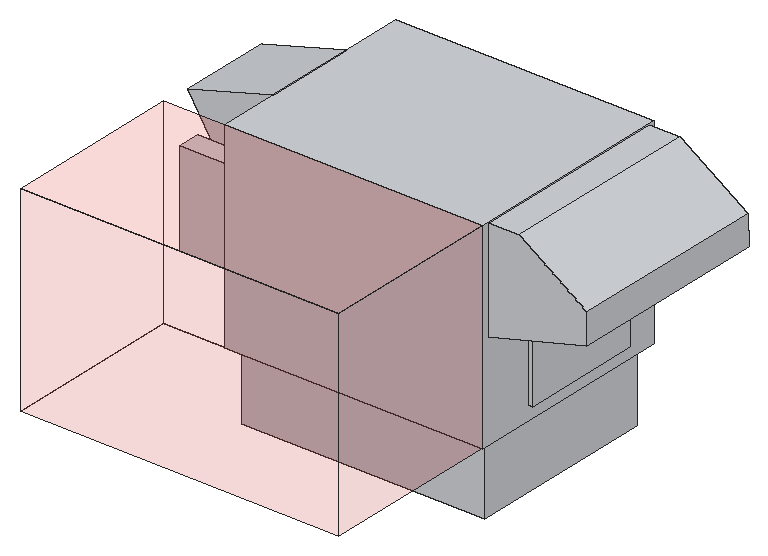
Revit family
Parameters (values of type "208 V Three Phase")
  Weight Scheduled [instance] = 488  # constant formula
  Voltage Workaround = Voltage / 1 V  # 208
  Voltage Scheduled = Voltage  # 208 V
  Voltage = 208 V
  VoltAmps Workaround [instance] = Voltage Workaround * Total FLA * sqrt(Phase)  # 0
  VoltAmps [instance] = VoltAmps Workaround * 1 VA  # 0 VA
  VFD [instance] = no
  URL = "http://www.renewaire.com/_assets/files/SubmittalForms/HE2XRTSubmittal.pdf"
  Total FLA [instance] = if(or(Supply Motor FLA = 0, Exhaust Motor FLA = 0), 0, (Supply Motor FLA * Supply Motor Count) + (Exhaust Motor FLA * Exhaust Motor Count))  # 0
  Supply Motor RPM Scheduled [instance] = Supply Motor RPM  # 0
  Supply Motor RPM [instance] = if(and(or(Supply ESP = 0, Supply ESP > 0), Supply ESP < 0.25), if(Supply Motor HP = 1.5, if(Supply CFM > 1970 CFM, 0, if(Supply CFM > 1765 CFM, 1504, if(Supply CFM > 1560 CFM, 1348, 1192))), if(Supply Motor HP = 2, if(Supply CFM > 2194 CFM, 0, if(Supply CFM > 2087 CFM, 1594, 1516)), 0)), if(and(or(Supply ESP = 0.25, Supply ESP > 0.25), Supply ESP < 0.5), if(Supply Motor HP = 1.5, if(Supply CFM > 1900 CFM, 0, if(Supply CFM > 1685 CFM, 1504, if(Supply CFM > 1460 CFM, 1348, 1192))), if(Supply Motor HP = 2, if(Supply CFM > 2110 CFM, 0, if(Supply CFM > 2000 CFM, 1594, 1516)), 0)), if(and(or(Supply ESP = 0.5, Supply ESP > 0.5), Supply ESP < 0.75), if(Supply Motor HP = 1.5, if(Supply CFM > 1800 CFM, 0, if(Supply CFM > 1560 CFM, 1504, if(Supply CFM > 1300 CFM, 1348, 1192))), if(Supply Motor HP = 2, if(Supply CFM > 2145 CFM, 0, if(Supply CFM > 2035 CFM, 1671, if(Supply CFM > 1915 CFM, 1594, 1516))), 0)), if(and(or(Supply ESP = 0.75, Supply ESP > 0.75), Supply ESP < 1), if(Supply Motor HP = 1.5, if(Supply CFM > 1670 CFM, 0, if(Supply CFM > 1380 CFM, 1504, if(Supply CFM > 1100 CFM, 1348, 1192))), if(Supply Motor HP = 2, if(Supply CFM > 2050 CFM, 0, if(Supply CFM > 1920 CFM, 1671, if(Supply CFM > 1775 CFM, 1594, 1516))), 0)), if(and(or(Supply ESP = 1, Supply ESP > 1), Supply ESP < 1.25), if(Supply Motor HP = 1.5, if(Supply CFM > 1500 CFM, 0, if(Supply CFM > 1210 CFM, 1504, if(Supply CFM > 845 CFM, 1348, 1192))), if(Supply Motor HP = 2, if(Supply CFM > 1905 CFM, 0, if(Supply CFM > 1765 CFM, 1671, if(Supply CFM > 1635 CFM, 1594, 1516))), 0)), if(and(or(Supply ESP = 1.25, Supply ESP > 1.25), Supply ESP < 1.5), if(Supply Motor HP = 1.5, if(Supply CFM > 1345 CFM, 0, if(Supply CFM > 945 CFM, 1504, 1348)), if(Supply Motor HP = 2, if(Supply CFM > 1775 CFM, 0, if(Supply CFM > 1630 CFM, 1671, if(Supply CFM > 1475 CFM, 1594, 1516))), 0)), if(Supply ESP = 1.5, if(Supply Motor HP = 1.5, if(Supply CFM > 1135 CFM, 0, if(Supply CFM > 650 CFM, 1504, 1348)), if(Supply Motor HP = 2, if(Supply CFM > 1640 CFM, 0, if(Supply CFM > 1470 CFM, 1671, if(Supply CFM > 1260 CFM, 1594, 1516))), 0)), 0)))))))  # 0
  Supply Motor HP Scheduled [instance] = Supply Motor HP  # 0
  Supply Motor HP [instance] = 0
  Supply Motor FLA [instance] = if(VFD, if(Supply Motor BHP = 0, 0, if(Supply Motor HP = 1.5, if(and(or(Voltage = 208 V, Voltage = 230 V), Phase = 1), 4.8, if(and(or(Voltage = 208 V, Voltage = 230 V), Phase = 3), 4.8, if(and(Voltage = 460 V, Phase = 3), 2.4, if(and(Voltage = 575 V, Phase = 3), 1.8, 0)))), if(Supply Motor HP = 2, if(and(or(Voltage = 208 V, Voltage = 230 V), Phase = 1), 6.1, if(and(or(Voltage = 208 V, Voltage = 230 V), Phase = 3), 6.1, if(and(Voltage = 460 V, Phase = 3), 2.9, if(and(Voltage = 575 V, Phase = 3), 2.4, 0)))), 0))), if(Supply Motor BHP = 0, 0, if(Supply Motor HP = 1.5, if(and(Voltage = 115 V, Phase = 1), 15.2, if(and(or(Voltage = 208 V, Voltage = 230 V), Phase = 1), 8.2, if(and(or(Voltage = 208 V, Voltage = 230 V), Phase = 3), 4.6, if(and(Voltage = 460 V, Phase = 3), 2.4, if(and(Voltage = 575 V, Phase = 3), 1.8, 0))))), if(Supply Motor HP = 2, if(and(Voltage = 115 V, Phase = 1), 20, if(and(or(Voltage = 208 V, Voltage = 230 V), Phase = 1), 10.8, if(and(or(Voltage = 208 V, Voltage = 230 V), Phase = 3), 6.1, if(and(Voltage = 460 V, Phase = 3), 2.9, if(and(Voltage = 575 V, Phase = 3), 2.4, 0))))), 0))))  # 0
  Supply Motor Count Scheduled [instance] = Supply Motor Count  # 0
  Supply Motor Count [instance] = if(Supply Motor HP = 0.75, 2, if(Supply Motor HP = 1.5, 1, if(Supply Motor HP = 2, 1, 0)))  # 0
  Supply Motor BHP [instance] = if(and(or(Supply ESP = 0, Supply ESP > 0), Supply ESP < 0.25), if(Supply Motor HP = 1.5, if(Supply CFM > 1970 CFM, 0, if(Supply CFM > 1765 CFM, 1.5, if(Supply CFM > 1560 CFM, 1.1, 0.7))), if(Supply Motor HP = 2, if(Supply CFM > 2194 CFM, 0, if(Supply CFM > 2087 CFM, 1.8, 1.6)), 0)), if(and(or(Supply ESP = 0.25, Supply ESP > 0.25), Supply ESP < 0.5), if(Supply Motor HP = 1.5, if(Supply CFM > 1900 CFM, 0, if(Supply CFM > 1685 CFM, 1.4, if(Supply CFM > 1460 CFM, 1, 0.7))), if(Supply Motor HP = 2, if(Supply CFM > 2110 CFM, 0, if(Supply CFM > 2000 CFM, 1.7, 1.5)), 0)), if(and(or(Supply ESP = 0.5, Supply ESP > 0.5), Supply ESP < 0.75), if(Supply Motor HP = 1.5, if(Supply CFM > 1800 CFM, 0, if(Supply CFM > 1560 CFM, 1.3, if(Supply CFM > 1300 CFM, 0.9, 0.6))), if(Supply Motor HP = 2, if(Supply CFM > 2145 CFM, 0, if(Supply CFM > 2035 CFM, 1.9, if(Supply CFM > 1915 CFM, 1.6, 1.4))), 0)), if(and(or(Supply ESP = 0.75, Supply ESP > 0.75), Supply ESP < 1), if(Supply Motor HP = 1.5, if(Supply CFM > 1670 CFM, 0, if(Supply CFM > 1380 CFM, 1.2, if(Supply CFM > 1100 CFM, 0.8, 0.5))), if(Supply Motor HP = 2, if(Supply CFM > 2050 CFM, 0, if(Supply CFM > 1920 CFM, 1.7, if(Supply CFM > 1775 CFM, 1.5, 1.2))), 0)), if(and(or(Supply ESP = 1, Supply ESP > 1), Supply ESP < 1.25), if(Supply Motor HP = 1.5, if(Supply CFM > 1500 CFM, 0, if(Supply CFM > 1210 CFM, 1.1, if(Supply CFM > 845 CFM, 0.7, 0.4))), if(Supply Motor HP = 2, if(Supply CFM > 1905 CFM, 0, if(Supply CFM > 1765 CFM, 1.5, if(Supply CFM > 1635 CFM, 1.3, 1.1))), 0)), if(and(or(Supply ESP = 1.25, Supply ESP > 1.25), Supply ESP < 1.5), if(Supply Motor HP = 1.5, if(Supply CFM > 1345 CFM, 0, if(Supply CFM > 945 CFM, 1, 0.6)), if(Supply Motor HP = 2, if(Supply CFM > 1775 CFM, 0, if(Supply CFM > 1630 CFM, 1.4, if(Supply CFM > 1475 CFM, 1.2, 1))), 0)), if(Supply ESP = 1.5, if(Supply Motor HP = 1.5, if(Supply CFM > 1135 CFM, 0, if(Supply CFM > 650 CFM, 0.8, 0.4)), if(Supply Motor HP = 2, if(Supply CFM > 1640 CFM, 0, if(Supply CFM > 1470 CFM, 1.3, if(Supply CFM > 1260 CFM, 1.1, 0.8))), 0)), 0)))))))  # 0
  Supply ESP Scheduled [instance] = Supply ESP  # 0
  Supply ESP [instance] = 0
  Supply CFM Scheduled [instance] = Supply CFM  # 0 CFM
  Supply CFM [instance] = 0 CFM
  Supply Air Winter RH Scheduled [instance] = 0
  Supply Air Winter DB Scheduled [instance] = 0
  Supply Air Summer RH Scheduled [instance] = 0
  Supply Air Summer DB Scheduled [instance] = 0
  Phase Scheduled = Phase  # 3
  Phase = 3
  Outside Air Winter RH Scheduled [instance] = 0
  Outside Air Winter DB Scheduled [instance] = 0
  Outside Air Summer RH Scheduled [instance] = 0
  Outside Air Summer DB Scheduled [instance] = 0
  Number of Poles = 3
  Model = "HE2XRTF"
  Manufacturer = "RenewAire"
  MOCP Scheduled [instance] = MOCP  # 0
  MOCP [instance] = if(VFD, if(Total FLA = 0, 0, if(and(or(Voltage = 208 V, Voltage = 230 V), Phase = 1), if(and(Supply Motor HP = 1.5, Exhaust Motor HP = 1.5), 25, if(and(Supply Motor HP = 2, Exhaust Motor HP = 1.5), 20, if(and(Supply Motor HP = 1.5, Exhaust Motor HP = 2), 20, if(and(Supply Motor HP = 2, Exhaust Motor HP = 2), 30, 0)))), if(and(or(Voltage = 208 V, Voltage = 230 V), Phase = 3), if(and(Supply Motor HP = 1.5, Exhaust Motor HP = 1.5), 15, if(and(Supply Motor HP = 2, Exhaust Motor HP = 1.5), 15, if(and(Supply Motor HP = 1.5, Exhaust Motor HP = 2), 15, if(and(Supply Motor HP = 2, Exhaust Motor HP = 2), 15, 0)))), if(and(Voltage = 460 V, Phase = 3), if(and(Supply Motor HP = 1.5, Exhaust Motor HP = 1.5), 15, if(and(Supply Motor HP = 2, Exhaust Motor HP = 1.5), 15, if(and(Supply Motor HP = 1.5, Exhaust Motor HP = 2), 15, if(and(Supply Motor HP = 2, Exhaust Motor HP = 2), 15, 0)))), if(and(Voltage = 575 V, Phase = 3), if(and(Supply Motor HP = 1.5, Exhaust Motor HP = 1.5), 15, if(and(Supply Motor HP = 2, Exhaust Motor HP = 1.5), 15, if(and(Supply Motor HP = 1.5, Exhaust Motor HP = 2), 15, if(and(Supply Motor HP = 2, Exhaust Motor HP = 2), 15, 0)))), 0))))), if(Total FLA = 0, 0, if(and(Voltage = 115 V, Phase = 1), if(and(Supply Motor HP = 1.5, Exhaust Motor HP = 1.5), 45, if(and(Supply Motor HP = 2, Exhaust Motor HP = 1.5), 60, if(and(Supply Motor HP = 1.5, Exhaust Motor HP = 2), 60, if(and(Supply Motor HP = 2, Exhaust Motor HP = 2), 60, 0)))), if(and(or(Voltage = 208 V, Voltage = 230 V), Phase = 1), if(and(Supply Motor HP = 1.5, Exhaust Motor HP = 1.5), 25, if(and(Supply Motor HP = 2, Exhaust Motor HP = 1.5), 30, if(and(Supply Motor HP = 1.5, Exhaust Motor HP = 2), 30, if(and(Supply Motor HP = 2, Exhaust Motor HP = 2), 35, 0)))), if(and(or(Voltage = 208 V, Voltage = 230 V), Phase = 3), if(and(Supply Motor HP = 1.5, Exhaust Motor HP = 1.5), 15, if(and(Supply Motor HP = 2, Exhaust Motor HP = 1.5), 15, if(and(Supply Motor HP = 1.5, Exhaust Motor HP = 2), 15, if(and(Supply Motor HP = 2, Exhaust Motor HP = 2), 15, 0)))), if(and(Voltage = 460 V, Phase = 3), if(and(Supply Motor HP = 1.5, Exhaust Motor HP = 1.5), 15, if(and(Supply Motor HP = 2, Exhaust Motor HP = 1.5), 15, if(and(Supply Motor HP = 1.5, Exhaust Motor HP = 2), 15, if(and(Supply Motor HP = 2, Exhaust Motor HP = 2), 15, 0)))), if(and(Voltage = 575 V, Phase = 3), if(and(Supply Motor HP = 1.5, Exhaust Motor HP = 1.5), 15, if(and(Supply Motor HP = 2, Exhaust Motor HP = 1.5), 15, if(and(Supply Motor HP = 1.5, Exhaust Motor HP = 2), 15, if(and(Supply Motor HP = 2, Exhaust Motor HP = 2), 15, 0)))), 0)))))))  # 0
  MCA Scheduled [instance] = MCA  # 0
  MCA [instance] = if(VFD, if(Total FLA = 0, 0, if(and(or(Voltage = 208 V, Voltage = 230 V), Phase = 1), if(and(Supply Motor HP = 1.5, Exhaust Motor HP = 1.5), 20.6, if(and(Supply Motor HP = 2, Exhaust Motor HP = 1.5), 23.6, if(and(Supply Motor HP = 1.5, Exhaust Motor HP = 2), 23.6, if(and(Supply Motor HP = 2, Exhaust Motor HP = 2), 26, 0)))), if(and(or(Voltage = 208 V, Voltage = 230 V), Phase = 3), if(and(Supply Motor HP = 1.5, Exhaust Motor HP = 1.5), 11.9, if(and(Supply Motor HP = 2, Exhaust Motor HP = 1.5), 13.6, if(and(Supply Motor HP = 1.5, Exhaust Motor HP = 2), 13.6, if(and(Supply Motor HP = 2, Exhaust Motor HP = 2), 15, 0)))), if(and(Voltage = 460 V, Phase = 3), if(and(Supply Motor HP = 1.5, Exhaust Motor HP = 1.5), 5.9, if(and(Supply Motor HP = 2, Exhaust Motor HP = 1.5), 6.6, if(and(Supply Motor HP = 1.5, Exhaust Motor HP = 2), 6.6, if(and(Supply Motor HP = 2, Exhaust Motor HP = 2), 7.2, 0)))), if(and(Voltage = 575 V, Phase = 3), if(and(Supply Motor HP = 1.5, Exhaust Motor HP = 1.5), 4.5, if(and(Supply Motor HP = 2, Exhaust Motor HP = 1.5), 5.3, if(and(Supply Motor HP = 1.5, Exhaust Motor HP = 2), 5.3, if(and(Supply Motor HP = 2, Exhaust Motor HP = 2), 5.9, 0)))), 0))))), if(Total FLA = 0, 0, if(and(Voltage = 115 V, Phase = 1), if(and(Supply Motor HP = 1.5, Exhaust Motor HP = 1.5), 34.2, if(and(Supply Motor HP = 2, Exhaust Motor HP = 1.5), 40.2, if(and(Supply Motor HP = 1.5, Exhaust Motor HP = 2), 40.2, if(and(Supply Motor HP = 2, Exhaust Motor HP = 2), 45, 0)))), if(and(or(Voltage = 208 V, Voltage = 230 V), Phase = 1), if(and(Supply Motor HP = 1.5, Exhaust Motor HP = 1.5), 18.5, if(and(Supply Motor HP = 2, Exhaust Motor HP = 1.5), 21.7, if(and(Supply Motor HP = 1.5, Exhaust Motor HP = 2), 21.7, if(and(Supply Motor HP = 2, Exhaust Motor HP = 2), 24.3, 0)))), if(and(or(Voltage = 208 V, Voltage = 230 V), Phase = 3), if(and(Supply Motor HP = 1.5, Exhaust Motor HP = 1.5), 11.9, if(and(Supply Motor HP = 2, Exhaust Motor HP = 1.5), 13.6, if(and(Supply Motor HP = 1.5, Exhaust Motor HP = 2), 13.6, if(and(Supply Motor HP = 2, Exhaust Motor HP = 2), 13.6, 0)))), if(and(Voltage = 460 V, Phase = 3), if(and(Supply Motor HP = 1.5, Exhaust Motor HP = 1.5), 5.4, if(and(Supply Motor HP = 2, Exhaust Motor HP = 1.5), 6, if(and(Supply Motor HP = 1.5, Exhaust Motor HP = 2), 6, if(and(Supply Motor HP = 2, Exhaust Motor HP = 2), 6.5, 0)))), if(and(Voltage = 575 V, Phase = 3), if(and(Supply Motor HP = 1.5, Exhaust Motor HP = 1.5), 4.1, if(and(Supply Motor HP = 2, Exhaust Motor HP = 1.5), 4.8, if(and(Supply Motor HP = 1.5, Exhaust Motor HP = 2), 4.8, if(and(Supply Motor HP = 2, Exhaust Motor HP = 2), 5.4, 0)))), 0)))))))  # 0
  FLA Scheduled [instance] = Total FLA  # 0
  Exhaust RH Scheduled [instance] = 0
  Exhaust Motor RPM Scheduled [instance] = Exhaust Motor RPM  # 0
  Exhaust Motor RPM [instance] = if(and(or(Exhaust ESP = 0, Exhaust ESP > 0), Exhaust ESP < 0.25), if(Exhaust Motor HP = 1.5, if(Exhaust CFM > 1970 CFM, 0, if(Exhaust CFM > 1765 CFM, 1504, if(Exhaust CFM > 1560 CFM, 1348, 1192))), if(Exhaust Motor HP = 2, if(Exhaust CFM > 2194 CFM, 0, if(Exhaust CFM > 2087 CFM, 1594, 1516)), 0)), if(and(or(Exhaust ESP = 0.25, Exhaust ESP > 0.25), Exhaust ESP < 0.5), if(Exhaust Motor HP = 1.5, if(Exhaust CFM > 1900 CFM, 0, if(Exhaust CFM > 1685 CFM, 1504, if(Exhaust CFM > 1460 CFM, 1348, 1192))), if(Exhaust Motor HP = 2, if(Exhaust CFM > 2110 CFM, 0, if(Exhaust CFM > 2000 CFM, 1594, 1516)), 0)), if(and(or(Exhaust ESP = 0.5, Exhaust ESP > 0.5), Exhaust ESP < 0.75), if(Exhaust Motor HP = 1.5, if(Exhaust CFM > 1800 CFM, 0, if(Exhaust CFM > 1560 CFM, 1504, if(Exhaust CFM > 1300 CFM, 1348, 1192))), if(Exhaust Motor HP = 2, if(Exhaust CFM > 2145 CFM, 0, if(Exhaust CFM > 2035 CFM, 1671, if(Exhaust CFM > 1915 CFM, 1594, 1516))), 0)), if(and(or(Exhaust ESP = 0.75, Exhaust ESP > 0.75), Exhaust ESP < 1), if(Exhaust Motor HP = 1.5, if(Exhaust CFM > 1670 CFM, 0, if(Exhaust CFM > 1380 CFM, 1504, if(Exhaust CFM > 1100 CFM, 1348, 1192))), if(Exhaust Motor HP = 2, if(Exhaust CFM > 2050 CFM, 0, if(Exhaust CFM > 1920 CFM, 1671, if(Exhaust CFM > 1775 CFM, 1594, 1516))), 0)), if(and(or(Exhaust ESP = 1, Exhaust ESP > 1), Exhaust ESP < 1.25), if(Exhaust Motor HP = 1.5, if(Exhaust CFM > 1500 CFM, 0, if(Exhaust CFM > 1210 CFM, 1504, if(Exhaust CFM > 845 CFM, 1348, 1192))), if(Exhaust Motor HP = 2, if(Exhaust CFM > 1905 CFM, 0, if(Exhaust CFM > 1765 CFM, 1671, if(Exhaust CFM > 1635 CFM, 1594, 1516))), 0)), if(and(or(Exhaust ESP = 1.25, Exhaust ESP > 1.25), Exhaust ESP < 1.5), if(Exhaust Motor HP = 1.5, if(Exhaust CFM > 1345 CFM, 0, if(Exhaust CFM > 945 CFM, 1504, 1348)), if(Exhaust Motor HP = 2, if(Exhaust CFM > 1775 CFM, 0, if(Exhaust CFM > 1630 CFM, 1671, if(Exhaust CFM > 1475 CFM, 1594, 1516))), 0)), if(Exhaust ESP = 1.5, if(Exhaust Motor HP = 1.5, if(Exhaust CFM > 1135 CFM, 0, if(Exhaust CFM > 650 CFM, 1504, 1348)), if(Exhaust Motor HP = 2, if(Exhaust CFM > 1640 CFM, 0, if(Exhaust CFM > 1470 CFM, 1671, if(Exhaust CFM > 1260 CFM, 1594, 1516))), 0)), 0)))))))  # 0
  Exhaust Motor HP Scheduled [instance] = Exhaust Motor HP  # 0
  Exhaust Motor HP [instance] = 0
  Exhaust Motor FLA [instance] = if(VFD, if(Exhaust Motor BHP = 0, 0, if(Exhaust Motor HP = 1.5, if(and(or(Voltage = 208 V, Voltage = 230 V), Phase = 1), 4.8, if(and(or(Voltage = 208 V, Voltage = 230 V), Phase = 3), 4.8, if(and(Voltage = 460 V, Phase = 3), 2.4, if(and(Voltage = 575 V, Phase = 3), 1.8, 0)))), if(Exhaust Motor HP = 2, if(and(or(Voltage = 208 V, Voltage = 230 V), Phase = 1), 6.1, if(and(or(Voltage = 208 V, Voltage = 230 V), Phase = 3), 6.1, if(and(Voltage = 460 V, Phase = 3), 2.9, if(and(Voltage = 575 V, Phase = 3), 2.4, 0)))), 0))), if(Exhaust Motor BHP = 0, 0, if(Exhaust Motor HP = 1.5, if(and(Voltage = 115 V, Phase = 1), 15.2, if(and(or(Voltage = 208 V, Voltage = 230 V), Phase = 1), 8.2, if(and(or(Voltage = 208 V, Voltage = 230 V), Phase = 3), 4.6, if(and(Voltage = 460 V, Phase = 3), 2.4, if(and(Voltage = 575 V, Phase = 3), 1.8, 0))))), if(Exhaust Motor HP = 2, if(and(Voltage = 115 V, Phase = 1), 20, if(and(or(Voltage = 208 V, Voltage = 230 V), Phase = 1), 10.8, if(and(or(Voltage = 208 V, Voltage = 230 V), Phase = 3), 6.1, if(and(Voltage = 460 V, Phase = 3), 2.9, if(and(Voltage = 575 V, Phase = 3), 2.4, 0))))), 0))))  # 0
  Exhaust Motor Count Scheduled [instance] = Exhaust Motor Count  # 0
  Exhaust Motor Count [instance] = if(Exhaust Motor HP = 0.75, 2, if(Exhaust Motor HP = 1.5, 1, if(Exhaust Motor HP = 2, 1, 0)))  # 0
  Exhaust Motor BHP [instance] = if(and(or(Exhaust ESP = 0, Exhaust ESP > 0), Exhaust ESP < 0.25), if(Exhaust Motor HP = 1.5, if(Exhaust CFM > 1970 CFM, 0, if(Exhaust CFM > 1765 CFM, 1.5, if(Exhaust CFM > 1560 CFM, 1.1, 0.7))), if(Exhaust Motor HP = 2, if(Exhaust CFM > 2194 CFM, 0, if(Exhaust CFM > 2087 CFM, 1.8, 1.6)), 0)), if(and(or(Exhaust ESP = 0.25, Exhaust ESP > 0.25), Exhaust ESP < 0.5), if(Exhaust Motor HP = 1.5, if(Exhaust CFM > 1900 CFM, 0, if(Exhaust CFM > 1685 CFM, 1.4, if(Exhaust CFM > 1460 CFM, 1, 0.7))), if(Exhaust Motor HP = 2, if(Exhaust CFM > 2110 CFM, 0, if(Exhaust CFM > 2000 CFM, 1.7, 1.5)), 0)), if(and(or(Exhaust ESP = 0.5, Exhaust ESP > 0.5), Exhaust ESP < 0.75), if(Exhaust Motor HP = 1.5, if(Exhaust CFM > 1800 CFM, 0, if(Exhaust CFM > 1560 CFM, 1.3, if(Exhaust CFM > 1300 CFM, 0.9, 0.6))), if(Exhaust Motor HP = 2, if(Exhaust CFM > 2145 CFM, 0, if(Exhaust CFM > 2035 CFM, 1.9, if(Exhaust CFM > 1915 CFM, 1.6, 1.4))), 0)), if(and(or(Exhaust ESP = 0.75, Exhaust ESP > 0.75), Exhaust ESP < 1), if(Exhaust Motor HP = 1.5, if(Exhaust CFM > 1670 CFM, 0, if(Exhaust CFM > 1380 CFM, 1.2, if(Exhaust CFM > 1100 CFM, 0.8, 0.5))), if(Exhaust Motor HP = 2, if(Exhaust CFM > 2050 CFM, 0, if(Exhaust CFM > 1920 CFM, 1.7, if(Exhaust CFM > 1775 CFM, 1.5, 1.2))), 0)), if(and(or(Exhaust ESP = 1, Exhaust ESP > 1), Exhaust ESP < 1.25), if(Exhaust Motor HP = 1.5, if(Exhaust CFM > 1500 CFM, 0, if(Exhaust CFM > 1210 CFM, 1.1, if(Exhaust CFM > 845 CFM, 0.7, 0.4))), if(Exhaust Motor HP = 2, if(Exhaust CFM > 1905 CFM, 0, if(Exhaust CFM > 1765 CFM, 1.5, if(Exhaust CFM > 1635 CFM, 1.3, 1.1))), 0)), if(and(or(Exhaust ESP = 1.25, Exhaust ESP > 1.25), Exhaust ESP < 1.5), if(Exhaust Motor HP = 1.5, if(Exhaust CFM > 1345 CFM, 0, if(Exhaust CFM > 945 CFM, 1, 0.6)), if(Exhaust Motor HP = 2, if(Exhaust CFM > 1775 CFM, 0, if(Exhaust CFM > 1630 CFM, 1.4, if(Exhaust CFM > 1475 CFM, 1.2, 1))), 0)), if(Exhaust ESP = 1.5, if(Exhaust Motor HP = 1.5, if(Exhaust CFM > 1135 CFM, 0, if(Exhaust CFM > 650 CFM, 0.8, 0.4)), if(Exhaust Motor HP = 2, if(Exhaust CFM > 1640 CFM, 0, if(Exhaust CFM > 1470 CFM, 1.3, if(Exhaust CFM > 1260 CFM, 1.1, 0.8))), 0)), 0)))))))  # 0
  Exhaust ESP Scheduled [instance] = Exhaust ESP  # 0
  Exhaust ESP [instance] = 0
  Exhaust DB Scheduled [instance] = 0
  Exhaust CFM Scheduled [instance] = Exhaust CFM  # 0 CFM
  Exhaust CFM [instance] = 0 CFM
  Enthalpy Effect Winter Scheduled [instance] = 0
  Enthalpy Effect Summer Scheduled [instance] = 0
Types (9): name | Voltage Workaround | Voltage Scheduled | Voltage | VFD | Phase Scheduled | Phase | Number of Poles
  (no name) | 208 | 208 V | 208 V | no | 3 | 3 | 3
  115 V Single Phase | 115 | 115 V | 115 V | yes | 1 | 1 | 1
  208 V Single Phase | 208 | 208 V | 208 V | yes | 1 | 1 | 2
  230 V Single Phase | 230 | 230 V | 230 V | yes | 1 | 1 | 2
  277 V Single Phase | 277 | 277 V | 277 V | yes | 1 | 1 | 1
  208 V Three Phase | 208 | 208 V | 208 V | no | 3 | 3 | 3
  230 V Three Phase | 230 | 230 V | 230 V | yes | 3 | 3 | 3
  460 V Three Phase | 460 | 460 V | 460 V | yes | 3 | 3 | 3
  575 V Three Phase | 575 | 575 V | 575 V | yes | 3 | 3 | 3
Reference planes (in)
  plane 1 "Center (Front/Back)": y = 0
  plane 2: z = 0
  plane 3 "Center (Left/Right)": x = 0
Forms (in)
  Extrusion 1, solid
    sketch origin (0, 0, 0) x (1, 0, 0) y (0, 1, 0)
      loop
        line (-25.5, 21.125) -> (-25.5, -21.125) -> (25.5, -21.125) -> (25.5, 21.125) -> (-25.5, 21.125)
    from 14 to 53.375
  Extrusion 2, solid
    sketch origin (0, -1, 0) x (1, 0, 0) y (0, 1, 0)
      loop
        line (-24, 19.8125) -> (-24, -17.8125) -> (24, -17.8125) -> (24, 19.8125) -> (-24, 19.8125)
    from 0 to 14
  Extrusion 3, solid
    sketch origin (0, 0, 0) x (1, 0, 0) y (0, 0, 1)
      loop
        line (-25.5625, 53.375) -> (-42.375, 48.58032) -> (-32.5625, 32.625) -> (-25.5625, 32.625) -> (-25.5625, 53.375)
    from -9.125 to 9.125
  Extrusion 4, solid
    sketch origin (-25.5, 21.1405, 11.125) x (0, 1, 0) y (0, 0, -1)
      loop
        line (-33.8905, -32.625) -> (-33.8905, -14) -> (-38.3905, -14) -> (-38.3905, -32.625) -> (-33.8905, -32.625)
    from 0 to 12
  Extrusion 5, solid
    sketch origin (25.5, 22.74165, 0) x (0, -1, 0) y (0, 0, -1)
      loop
        line (32.86665, -31) -> (32.86665, -17) -> (8.86665, -17) -> (8.86665, -31) -> (32.86665, -31)
    from 0 to 1
  Extrusion 6, solid
    sketch origin (0, 0, 0) x (1, 0, 0) y (0, 1, 0)
      loop
        line (-37.5, -21.125) -> (-37.5, -56.625) -> (25.5, -56.625) -> (25.5, -21.125) -> (-37.5, -21.125)
    from 14 to 53.375
  Extrusion 7, solid
    sketch origin (0, 0, 0) x (1, 0, 0) y (0, 0, 1)
      loop
        line (25.5, 53.375) -> (25.5, 33.35848) -> (45.125, 38.54469) -> (45.125, 44.54469) -> (31.5625, 53.375) -> (25.5, 53.375)
    from -19.8125 to 20
Cuts and joins
  joined: Extrusion 1, Extrusion 2, Extrusion 3, Extrusion 4, Extrusion 5
Lines and regions (in)
  Split face 1
    outline origin (0.0625, -1, 0) x (1, 0, 0) y (0, 1, 0)
      loop
        line (-20.8125, 13) -> (-20.8125, -11) -> (-10.8125, -11) -> (-10.8125, 13) -> (-20.8125, 13)
  symbolic lines
    curve 1: line (31.5, 0, 0) -> (31.5, -20, 0)
    curve 2: line (31.5, 0, 0) -> (31.5, 20, 0)
Dimensions and locks (in)
  equal spacing: Extrusion 1 sketch curve, plane 3 "Center (Left/Right)", Extrusion 1 sketch curve
  equal spacing: Extrusion 1 sketch curve, plane 1 "Center (Front/Back)", Extrusion 1 sketch curve
  plane 1 "Center (Front/Back)" to Extrusion 1 sketch curve = 1' - 9 1/8"
  Extrusion 1 sketch curve to plane 3 "Center (Left/Right)" = 2' - 1 1/2"
  cut or joined group of Extrusion 1, Extrusion 2, Extrusion 3, Extrusion 4, Extrusion 5 to cut or joined group of Extrusion 1, Extrusion 2, Extrusion 3, Extrusion 4, Extrusion 5 = 0' - 11 1/8"
Connectors (in)
  hvac at (-15.75, 0, 0), driven by "Supply CFM"
    settings: on Extrusion 2, index 1, duct flow 0 CFM, flow factor 0, pres drop 0.00 in-wg, loss coef 0, conn angle 0.00°, conn width 10", conn height 24", conn radius 12", duct sys type 1, conn prof type 1, flow config 0, flow direction 2, loss method 0, conn ref index -1, conn util no, is conn primary yes, conn desc ""
  electrical at (-31.5, -15, 25.125), driven by "Voltage", driven by "VoltAmps", driven by "Number of Poles"
    settings: on Extrusion 4, index 3, voltage 208 V, apparent load 0 VA, apparent load phase1 0 VA, apparent load phase2 0 VA, apparent load phase3 0 VA, power factor 1, load classification "HVAC", number of poles 3, system type 30, power factor state 1, is connector primary yes, connector utility no, sub classification motor no, connector description ""
  hvac at (26.5, 1.875, 24), driven by "Exhaust CFM"
    settings: on Extrusion 5, index 4, duct flow 0 CFM, flow factor 0, pres drop 0.00 in-wg, loss coef 0, conn angle 0.00°, conn width 24", conn height 14", conn radius 12", duct sys type 3, conn prof type 1, flow config 0, flow direction 1, loss method 0, conn ref index -1, conn util no, is conn primary no, conn desc ""
